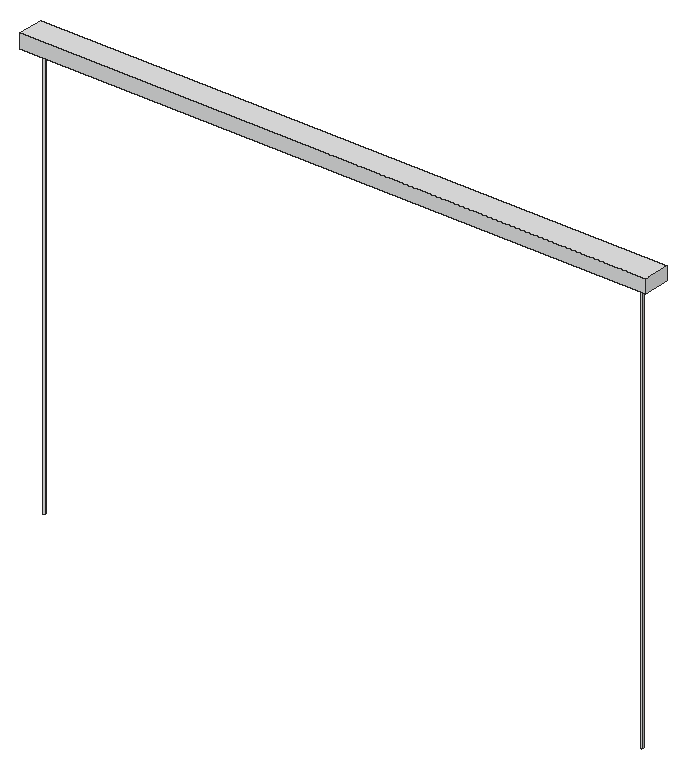
Revit family "Lighting-Suspended-Amerlux-Linea 1.5 ", category Lighting Fixtures, host Face, Revit 2017
Family settings
  Host = Face
  Round Connector Dimension = Use Diameter
  Part Type = Normal
  Cut with Voids When Loaded = No
  Light Source = Yes
  Shared = No
  Room Calculation Point = No
Parameters (values of type "Linea 1.5"")
  Width = 0' - 1 1/2"
  Wattage = 9.2903 W
  built-in parameter 1150110 = 1 (stored number, unit not read)
  Voltage = 0 V
  URL = "http://www.amerlux.com/"
  built-in parameter 1114217 = 1 (stored number, unit not read)
  Tilt Angle = -90.00°
  built-in parameter 1150109 = 1 (stored number, unit not read)
  built-in parameter 1150134 = 3
  Suspension Length [instance] = 2' - 0"
  built-in parameter 1150113 = 1 (stored number, unit not read)
  Right Cable [instance] = yes
  Power Factor = 1
  Photometric Web File = "Load File"
  Number of Poles = 1
  built-in parameter 1150142 = (empty or 0)
  Model = "Lin1.5"
  Manufacturer = "Amerlux"
  built-in parameter 1150105 = 109.82 (stored number, unit not read)
  Lumens = 1380 lm
  built-in parameter 1150115 = 1 (stored number, unit not read)
  built-in parameter 1150137 = (empty or 0)
  built-in parameter 1150139 = (empty or 0)
  Length = 3' - 0"
  Left Cable [instance] = yes
  built-in parameter 1150112 = 1 (stored number, unit not read)
  built-in parameter 1150114 = 1 (stored number, unit not read)
  built-in parameter 1150132 = (empty or 0)
  built-in parameter 1150102 = (empty or 0)
  built-in parameter 1150107 = 3200 (stored number, unit not read)
  built-in parameter 1150138 = (empty or 0)
  built-in parameter 1150106 = 1.0982 (stored number, unit not read)
  Fixture Finish = Aluminum Finish
  Emit from Line Length = Length  # 3' - 0"
  built-in parameter 1150104 = 13.8 (stored number, unit not read)
  Dimming Lamp Color Temperature Shift = <None>
  Description = "Linear Direct LED"
  Default Elevation = 4' - 0"
  Color Filter = 16777215
  built-in parameter 1114218 = 1 (stored number, unit not read)
  built-in parameter 1150133 = 10 (stored number, unit not read)
  Apparent Load = 0 VA
Reference planes (in)
  plane 1 "Center (Front/Back)": y = 0
  plane 2: z = 0
  plane 3 "Center (Left/Right)": x = 0
  plane 4: y = -0.75
  plane 5: y = 0.75
  plane 6: z = 24
  plane 7: x = -18
  plane 8: x = 18
Forms (in)
  Extrusion 1, solid, material "Aluminum Finish", visible <- "Right Cable"
    sketch origin (5.6875, 0, 0) x (1, 0, 0) y (0, 1, 0)
      loop
        circle (11.5, 0) r 0.06219
    from 0 to 24
  Extrusion 2, solid, material "Aluminum Finish" <- "Fixture Finish"
    sketch origin (0, 0, 0) x (0, 1, 0) y (0, 0, 1)
      loop
        line (0.75, 24.8125) -> (-0.75, 24.8125) -> (-0.75, 24) -> (0.75, 24) -> (0.75, 24.8125)
    from -18 to 18
  Extrusion 3, solid, material "Aluminum Finish", visible <- "Left Cable"
    sketch origin (-5.6875, 0, 0) x (-1, 0, 0) y (0, -1, 0)
      loop
        circle (11.5, 0) r 0.06219
    from 0 to 24
Dimensions and locks (in)
  "Suspension Length": plane 6 to host face
  equal spacing: plane 5, plane 1 "Center (Front/Back)", plane 4
  "Width": plane 5 to plane 4
  equal spacing: plane 7, plane 3 "Center (Left/Right)", plane 8
  "Length": plane 7 to plane 8
  locked: Extrusion 1 to plane 8 at 0.75031
  locked: plane 7 to Extrusion 3 at 0.75031
  locked: Extrusion 2 sketch curve to Extrusion 2 sketch curve at 0.8125
  locked: imposter light to plane 6 at 0.8125
  aligned and locked: plane 2 to host face
  aligned and locked: level to host face
  aligned and locked: Extrusion 1 to level
  aligned and locked: Extrusion 2 to plane 7
  aligned and locked: plane 8 to Extrusion 2
  aligned and locked: plane 6 to Extrusion 3
  aligned and locked: plane 6 to Extrusion 1
  aligned and locked: plane 5 to Extrusion 2 sketch curve
  aligned and locked: Extrusion 2 sketch curve to plane 6
  aligned and locked: Extrusion 2 sketch curve to plane 4
Automatic sketch dimensions
  host sketch curve to host sketch curve = 8' - 0"  (x2)
  plane 1 "Center (Front/Back)" to Extrusion 1 sketch curve = 0' - 0"
  Extrusion 1 sketch curve to plane 8 = 0' - 0 13/16"
  plane 1 "Center (Front/Back)" to Extrusion 3 sketch curve = 0' - 0"
  Extrusion 3 sketch curve to plane 7 = 0' - 0 13/16"
  radius of Extrusion 1 sketch curve = 0' - 0.06219"
  radius of Extrusion 3 sketch curve = 0' - 0.06219"
Connectors (in)
  electrical at (18, 0, 24.40625), driven by "Number of Poles", driven by "Voltage", driven by "Apparent Load", driven by "Power Factor"
    settings: on Extrusion 2, index 1, voltage 0 V, apparent load 0 VA, apparent load phase1 0 VA, apparent load phase2 0 VA, apparent load phase3 0 VA, power factor 1, load classification "Other", number of poles 1, system type 31, power factor state 1, is connector primary yes, connector utility no, sub classification motor no, connector description "Power"
